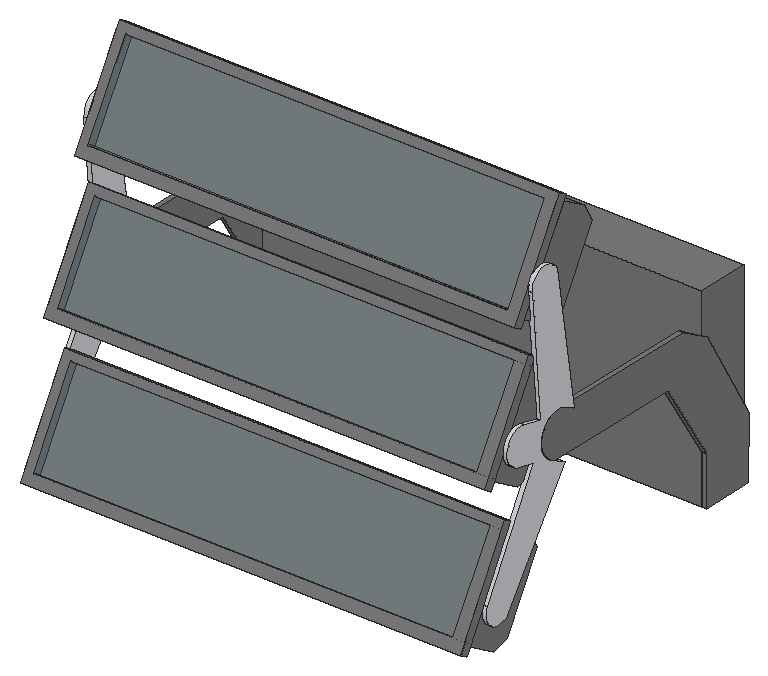
Revit family "Lighting-Proiezione-GEWISS-SPATIUMPRO3-PROIETTORI-LED_OTTICA-CIRCOLARE_3MODULI", category Apparecchi per illuminazione, host Superficie, Revit 2019
Family settings
  Host = Superficie
  Quota connettore circolare = Usa diametro
  Tipo di parte = Normale
  Taglio con vuoti quando caricato = No
  Sorgente d'illuminazione = Sì
  Condiviso = Sì
  Punto di calcolo locali = Sì
Parameters (values of type "GWP3333AF857 - SPATIUM PRO 3M CL.I C1 CRI 80 5700K")
  larghezza lampada = Lugnezza massima - 24 mm  # 50 mm
  Wattage = 9.2903 W
  Viti esterne = "Acciaio inossidabile"
  Visibilità etichetta [instance] = yes
  Visibilità simbolo [instance] = yes
  Visibilità lampada in pianta [instance] = yes
  Versioni = "Luce fredda 5700K"
  Versione file RFA = "21.9"
  Variazione temperatura colore lampada con luminosità attenuata = (empty or 0)
  Vano di alimentazione = "Esterno"
  URL = "https://www.gewiss.com/it/it"
  Tolleranza cromatica = "SDCM = 5"
  Tipologia sorgente luminosa = "LED - Non sostituibile"
  Tipo di installazione e montaggio = "Torrefaro - Parete"
  Tipo di apparecchio = "Proiettore LED ad alta potenza"
  Tensione di alimentazione = "Secondo driver esterno"
  Temperatura di esercizio = "-25 +50 °C"
  Temperatura di colore = "5700 K"
  built-in parameter 1150107 = 3200 (stored number, unit not read)
  Superficie massima esposta al vento : = "0,36 m²"
  Spostamento_x_effettivo [instance] = 4000 mm - Spostamento_x  # 4000 mm
  Spostamento_x [instance] = 0 mm
  Spostamento_y_effettivo [instance] = 4000 mm - Spostamento_y  # 4000 mm
  Spostamento_y [instance] = 0 mm
  SostituibilitÃ  piastra di cablaggio = "Si"
  SostituibilitÃ  gruppo ottico = "Non disponibile"
  Sistema di controllo = "Secondo driver esterno"
  Schermo = "Vetro piano extrachiaro spessore 4mm"
  Scheda Tecnica = "https://www.gewiss.com/it/it/search?q=GWP3333AF857"
  Resistenza agli urti = "IK08"
  ROTAZIONE [instance] = 45
  Potenza di sistema = "1200 W"
  Peso (kg): = "30 "
  built-in parameter 1150110 = 1 (stored number, unit not read)
  built-in parameter 1150109 = 1 (stored number, unit not read)
  built-in parameter 1114218 = 1 (stored number, unit not read)
  built-in parameter 1150112 = 1 (stored number, unit not read)
  POSIZIONE = 80000  # constant formula
  Ottica = "Circolare 40°"
  Norma di riferimento = "EN 60598-1; EN 60598-2-5; IEC/TR 62778; EN 62493"
  built-in parameter 1150142 = (empty or 0)
  built-in parameter 1150137 = (empty or 0)
  built-in parameter 1150132 = (empty or 0)
  Lumen output (lm) = "127000 "
  Lugnezza massima = 74 mm
  Default Elevation = 1219.2 mm
  Produttore = "GEWISS S.p.A."
  Modello = "GWP3333AF857"
  built-in parameter 1150105 = 109.82 (stored number, unit not read)
  built-in parameter 1150102 = (empty or 0)
  Indice di resa cromatica = "CRI 80"
  Inclinazione = "Rotazione su staffa con goniometro integrato"
  Immagine tipo = SPATIUMpro3.jpg
  built-in parameter 1150106 = 1.0982 (stored number, unit not read)
  IPEA = "GRANDI AREE = A+ // AREE VERDI = A"
  IDT = "5142984a-b3a2-4d0e-8cb9-9e4b26487db4"
  IDF = "46907d55-e74c-417a-b84a-736c4dd6485b"
  Guarnizioni = "silicone antinvecchiamento"
  Gruppo ottico = "lente T.I.R.Ex. in PMMA HT"
  Grado di protezione = "IP66"
  Garanzia = "5 anni"
  Frequenza nominale (Hz) = "Secondo driver esterno"
  Lumens = 1380 lm
  Fissaggio = "Staffa"
  Finitura colore = "Verniciato a polvere poliestere"
  Color Filter = 16777215
  File diagramma fotometrico = "generic"
  built-in parameter 1114217 = 1 (stored number, unit not read)
  built-in parameter 1150139 = (empty or 0)
  Failure rate alimentatore = "Secondo driver esterno"
  Emetti da lunghezza linea = 609.6 mm
  Efficienza luminosa (lm/W) = "106 "
  built-in parameter 1150104 = 13.8 (stored number, unit not read)
  Durata di vita = "L90B10(Tq25°C)>100.000h; L80B10(Tq25°C)>150.000h"
  Distanza dal host [instance] = 0 mm
  Dispositivo di protezione = "Secondo driver esterno"
  built-in parameter 1150115 = 1 (stored number, unit not read)
  built-in parameter 1150114 = 1 (stored number, unit not read)
  built-in parameter 1150113 = 1 (stored number, unit not read)
  Descrizione = "SPATIUM PRO 3M CL.I C1 CRI 80 5700K"
  Creato da GEWISS S.p.A. = ""
  Corpo = "Alluminio pressofuso"
  Controllo abbagliamento e luminanza = "ULOR = 0%"
  Contesto = "Illuminazione di grandi aree"
  built-in parameter 1150134 = 3
  built-in parameter 1150138 = (empty or 0)
  Colore = "Grigio grafite"
  Codice digitale univoco (Datamatrix) = "Attualmente non presente"
  Codice EAN = ""
  Classe isolamento = "I"
  Catalogo = "LIGHTING"
  Cablaggio = "Connettore stagno tra proiettore e gruppo alimentazione"
  COBie.Tagnumber = ""
  COBie.CreatedOn = ""
  COBie.CreatebBy = ""
  COBie.ComponentRegisterItemID = ""
  COBie.Component.TagNumber = ""
  COBie.Component.Space = ""
  COBie.Component.SerialNumber = ""
  COBie.Component.InstallationDate = ""
  COBie.Component.Description = ""
  COBie.Component.BarCode = ""
  Applicazione = "Interno / Esterno"
  Angolo inclinazione = 60.00°
  Alimentatore = "Da ordinare separatamente"
  built-in parameter 1150133 = 10 (stored number, unit not read)
Types (6, lengths in mm): name | Versioni | Temperatura di colore | Scheda Tecnica | Lumen output (lm) | Modello | Indice di resa cromatica | IPEA | IDT | Efficienza luminosa (lm/W) | Descrizione
  GWP3333AF730 - SPATIUM PRO 3M CL.I C1 CRI 70 3000K | "Luce calda 3000K" | "3000 K" | "https://www.gewiss.com/it/it/search?q=GWP3333AF730" | "138000 " | "GWP3333AF730" | "CRI70" | "GRANDI AREE = A++ // AREE VERDI = A+" | "1d343e0f-d5e5-46f4-be20-b1f8240fd04b" | "115 " | "SPATIUM PRO 3M CL.I C1 CRI 70 3000K"
  GWP3333AF740 - SPATIUM PRO 3M CL.I C1 CRI 70 4000K | "Luce naturale 4000K" | "4000 K" | "https://www.gewiss.com/it/it/search?q=GWP3333AF740" | "147000 " | "GWP3333AF740" | "CRI70" | "GRANDI AREE = A3+ // AREE VERDI = A+" | "c110e465-e70b-4374-9d98-6d15d4d28f6a" | "123 " | "SPATIUM PRO 3M CL.I C1 CRI 70 4000K"
  GWP3333AF757 - SPATIUM PRO 3M CL.I C1 CRI 70 5700K | "Luce fredda 5700K" | "5700 K" | "https://www.gewiss.com/it/it/search?q=GWP3333AF757" | "147000 " | "GWP3333AF757" | "CRI70" | "GRANDI AREE = A3+ // AREE VERDI = A+" | "060c0969-267b-4943-85ce-63df1444230b" | "123 " | "SPATIUM PRO 3M CL.I C1 CRI 70 5700K"
  GWP3333AF830 - SPATIUM PRO 3M CL.I C1 CRI 80 3000K | "Luce calda 3000K" | "3000 K" | "https://www.gewiss.com/it/it/search?q=GWP3333AF830" | "123000 " | "GWP3333AF830" | "CRI 80" | "GRANDI AREE = A // AREE VERDI = B" | "b5a5e69f-967e-4a5b-85ce-e676ff047695" | "103 " | "SPATIUM PRO 3M CL.I C1 CRI 80 3000K"
  GWP3333AF840 - SPATIUM PRO 3M CL.I C1 CRI 80 4000K | "Luce naturale 4000K" | "4000 K" | "https://www.gewiss.com/it/it/search?q=GWP3333AF840" | "127000 " | "GWP3333AF840" | "CRI 80" | "GRANDI AREE = A+ // AREE VERDI = A" | "a7a459e9-aeaf-40f8-af20-448164c4b100" | "106 " | "SPATIUM PRO 3M CL.I C1 CRI 80 4000K"
  GWP3333AF857 - SPATIUM PRO 3M CL.I C1 CRI 80 5700K | "Luce fredda 5700K" | "5700 K" | "https://www.gewiss.com/it/it/search?q=GWP3333AF857" | "127000 " | "GWP3333AF857" | "CRI 80" | "GRANDI AREE = A+ // AREE VERDI = A" | "5142984a-b3a2-4d0e-8cb9-9e4b26487db4" | "106 " | "SPATIUM PRO 3M CL.I C1 CRI 80 5700K"
Reference planes
  plane 1 "Centro (Fronte/Retro)": y = 0
  plane 2: z = 0
  plane 3 "Centro (Sinistra/Destra)": x = 0
  plane 4: x = -4000
  plane 5: x = 0
  plane 6: x = 0
  plane 7: y = -4000
  plane 8: y = 0
  plane 9 "a": through (0, -290.182, 34.975) normal (0, -0.7071, 0.7071)
  plane 10: through (-235.047, -128.222, 1219.2) normal (-0.9563, 0.2924, 0)
  plane 11: through (-40, -89.462, 1219.2) normal (0.1564, 0.9877, 0)
  plane 12: through (239.503, 190.64, 1219.2) normal (0.9563, -0.2924, 0)
Dimensions and locks
  plane 4 to plane 3 "Centro (Sinistra/Destra)" = 4000 mm  (x2)
  "Spostamento_x_effettivo": plane 4 to plane 5
  "Spostamento_x_effettivo": plane 6 to plane 4
  "Spostamento_y_effettivo": plane 8 to plane 7
  plane 1 "Centro (Fronte/Retro)" to plane 7 = 4000 mm
  angle plane 11 to plane 12 = 82.00°  (x2)
  angle plane 10 to plane 11 = 98.00°
  aligned and locked: plane 2 to host face
  aligned and locked: level to host face
  aligned and locked: plane 6 to nested 1
  aligned and locked: nested 1 to plane 8
  aligned and locked: plane 8 to nested 2
  aligned and locked: imposter light to nested 2
Automatic sketch dimensions
  host sketch curve to host sketch curve = 2438.4 mm  (x2)
Nested families
  nested 1: "Etichetta light" at (0, 0, 0), visible <- "Visibilità etichetta", type "Etichetta light"
  nested 2: "STADIUM PRO 3_led" at (0, -90, 0), type "STADIUM PRO 3_led"
Definition of nested family "STADIUM PRO 3_led"
  Parameters (values of type "STADIUM PRO 3_led")
    led = none
    l_proiettore = 772 mm
    h_lampada = 58 mm
    Finitura struttura = none
  Reference planes
    plane 1 "Centro (Fronte/Retro)": y = 0
    plane 2: z = 0
    plane 3 "Centro (Sinistra/Destra)": x = 0
    plane 4: x = 386
    plane 5: x = 378
    plane 6: x = -386
    plane 7: x = -378
    plane 8: y = 90
  Forms (mm)
    Extrusion 1, solid, material <- "Finitura struttura"
      sketch origin (0, 0, 0) x (0, 1, 0) y (0, 0, -1)
        loop
          arc (-316.352, -217.267) -> (-353.722, -254.637) -> (-316.352, -292.007) r 37.37
          line (-316.352, -292.007) -> (-48.852, -292.007) -> (0, -263.802) -> (90, -107.918) -> (90, 0) -> (0, 0) -> (0, -85) -> (-82.649, -217.267) -> (-316.352, -217.267)
      from 378 to 386
    Extrusion 2, solid, material <- "Finitura struttura"
      sketch origin (0, 0, 0) x (1, 0, 0) y (0, 1, 0)
        loop
          line (378, 0) -> (378, 90) -> (-378, 90) -> (-378, 0) -> (378, 0)
      from 0 to 333
    Extrusion 3, solid, material <- "Finitura struttura"
      sketch origin (0, 0, 0) x (0, 1, 0) y (0, 0, 1)
        loop
          line (-316.352, 217.267) -> (-82.649, 217.267) -> (0, 85) -> (0, 0) -> (90, 0) -> (90, 107.918) -> (0, 263.802) -> (-48.852, 292.007) -> (-316.352, 292.007)
          arc (-316.352, 292.007) -> (-353.722, 254.637) -> (-316.352, 217.267) r 37.37
      from 378 to 386
    Extrusion 4, solid, material <- "led"
      sketch origin (0, 1268.525, -1383.744) x (0, 0.866025, -0.5) y (0, 0.5, 0.866025)
        loop
          line (-2238.14, 322.274) -> (-2223.14, 322.274) -> (-2223.14, 482.274) -> (-2238.14, 482.274) -> (-2238.14, 322.274)
      from -378 to 378
    Extrusion 5, solid, material <- "Finitura struttura"
      sketch origin (0, 1262.235, -1379.076) x (0, 0.866025, -0.5) y (0, 0.5, 0.866025)
        loop
          line (-2215.359, 316.368) -> (-2156.261, 316.368) -> (-2135.048, 337.581) -> (-2135.048, 467.581) -> (-2165.359, 485.081) -> (-2215.359, 485.081) -> (-2215.359, 316.368)
      from -378 to 378
    Extrusion 6, solid, material <- "Finitura struttura"
      sketch origin (0, -28.39, -231.475) x (1, 0, 0) y (0, 0.5, 0.866025)
        loop
          line (-378, 146.542) -> (-378, -45.315) -> (378, -45.315) -> (378, 146.542) -> (-378, 146.542)
        loop
          line (-362.033, 132.837) -> (-362.033, -27.163) -> (357.967, -27.163) -> (357.967, 132.837) -> (-362.033, 132.837)
      from 523.844 to 538.844
    Extrusion 7, solid, material <- "Finitura struttura", not visible
      sketch origin (0, 1866.103, -348.539) x (0, 1, 0) y (0, 0, 1)
        loop
          line (-2215.359, 316.368) -> (-2156.261, 316.368) -> (-2135.048, 337.581) -> (-2135.048, 467.581) -> (-2165.359, 485.081) -> (-2215.359, 485.081) -> (-2215.359, 316.368)
      from -378 to 378
    Extrusion 8, solid, material <- "Finitura struttura", not visible
      sketch origin (0, 0, 0) x (1, 0, 0) y (0, 0, 1)
        loop
          line (-378, 146.542) -> (-378, -45.315) -> (378, -45.315) -> (378, 146.542) -> (-378, 146.542)
        loop
          line (-362.033, 132.837) -> (-362.033, -27.163) -> (357.967, -27.163) -> (357.967, 132.837) -> (-362.033, 132.837)
      from 349.256 to 364.256
    Extrusion 9, solid, material <- "Finitura struttura"
      sketch origin (0, 1313.7, -1147.467) x (0, 0.866025, -0.5) y (0, 0.5, 0.866025)
        loop
          line (-2215.359, 316.368) -> (-2156.261, 316.368) -> (-2135.048, 337.581) -> (-2135.048, 467.581) -> (-2165.359, 485.081) -> (-2215.359, 485.081) -> (-2215.359, 316.368)
      from -378 to 378
    Extrusion 10, solid, material <- "Finitura struttura"
      sketch origin (0, -128.124, 87.428) x (1, 0, 0) y (0, 0.5, 0.866025)
        loop
          line (-378, 146.542) -> (-378, -45.315) -> (378, -45.315) -> (378, 146.542) -> (-378, 146.542)
        loop
          line (-362.033, 132.837) -> (-362.033, -27.163) -> (357.967, -27.163) -> (357.967, 132.837) -> (-362.033, 132.837)
      from 349.256 to 364.256
    Extrusion 11, solid, material <- "Finitura struttura"
      sketch origin (0, 1379.031, -926.749) x (0, 0.866025, -0.5) y (0, 0.5, 0.866025)
        loop
          line (-2215.359, 316.368) -> (-2156.261, 316.368) -> (-2135.048, 337.581) -> (-2135.048, 467.581) -> (-2165.359, 485.081) -> (-2215.359, 485.081) -> (-2215.359, 316.368)
      from -378 to 378
    Extrusion 12, solid, material <- "Finitura struttura"
      sketch origin (0, -62.793, 308.146) x (1, 0, 0) y (0, 0.5, 0.866025)
        loop
          line (-378, 146.542) -> (-378, -45.315) -> (378, -45.315) -> (378, 146.542) -> (-378, 146.542)
        loop
          line (-362.033, 132.837) -> (-362.033, -27.163) -> (357.967, -27.163) -> (357.967, 132.837) -> (-362.033, 132.837)
      from 349.256 to 364.256
    Extrusion 13, solid, material <- "led", not visible
      sketch origin (0, 1873.885, -376.937) x (0, 1, 0) y (0, 0, 1)
        loop
          line (-2238.14, 322.274) -> (-2223.14, 322.274) -> (-2223.14, 482.274) -> (-2238.14, 482.274) -> (-2238.14, 322.274)
      from -378 to 378
    Extrusion 14, solid, material <- "Finitura struttura", not visible
      sketch origin (0, 1866.103, -376.039) x (0, 1, 0) y (0, 0, 1)
        loop
          line (-2215.359, 316.368) -> (-2156.261, 316.368) -> (-2135.048, 337.581) -> (-2135.048, 467.581) -> (-2165.359, 485.081) -> (-2215.359, 485.081) -> (-2215.359, 316.368)
      from -378 to 378
    Extrusion 15, solid, material <- "Finitura struttura", not visible
      sketch origin (0, 0, -27.5) x (1, 0, 0) y (0, 0, 1)
        loop
          line (-378, 146.542) -> (-378, -45.315) -> (378, -45.315) -> (378, 146.542) -> (-378, 146.542)
        loop
          line (-362.033, 132.837) -> (-362.033, -27.163) -> (357.967, -27.163) -> (357.967, 132.837) -> (-362.033, 132.837)
      from 349.256 to 364.256
    Extrusion 16, solid, material <- "Finitura struttura", not visible
      sketch origin (0, 1794.869, -149.727) x (0, 1, 0) y (0, 0, 1)
        loop
          line (-2215.359, 316.368) -> (-2156.261, 316.368) -> (-2135.048, 337.581) -> (-2135.048, 467.581) -> (-2165.359, 485.081) -> (-2215.359, 485.081) -> (-2215.359, 316.368)
      from -378 to 378
    Extrusion 17, solid, material <- "Finitura struttura", not visible
      sketch origin (0, -71.234, 198.812) x (1, 0, 0) y (0, 0, 1)
        loop
          line (-378, 146.542) -> (-378, -45.315) -> (378, -45.315) -> (378, 146.542) -> (-378, 146.542)
        loop
          line (-362.033, 132.837) -> (-362.033, -27.163) -> (357.967, -27.163) -> (357.967, 132.837) -> (-362.033, 132.837)
      from 349.256 to 364.256
    Extrusion 18, solid, material <- "Finitura struttura", not visible
      sketch origin (0, 1741.088, 74.086) x (0, 1, 0) y (0, 0, 1)
        loop
          line (-2215.359, 316.368) -> (-2156.261, 316.368) -> (-2135.048, 337.581) -> (-2135.048, 467.581) -> (-2165.359, 485.081) -> (-2215.359, 485.081) -> (-2215.359, 316.368)
      from -378 to 378
    Extrusion 19, solid, material <- "Finitura struttura", not visible
      sketch origin (0, -125.015, 422.625) x (1, 0, 0) y (0, 0, 1)
        loop
          line (-378, 146.542) -> (-378, -45.315) -> (378, -45.315) -> (378, 146.542) -> (-378, 146.542)
        loop
          line (-362.033, 132.837) -> (-362.033, -27.163) -> (357.967, -27.163) -> (357.967, 132.837) -> (-362.033, 132.837)
      from 349.256 to 364.256
    Extrusion 20, solid, material <- "led", not visible
      sketch origin (0, 1268.525, -1383.744) x (0, 0.866025, -0.5) y (0, 0.5, 0.866025)
        loop
          line (-2238.14, 322.274) -> (-2223.14, 322.274) -> (-2223.14, 482.274) -> (-2238.14, 482.274) -> (-2238.14, 322.274)
      from -378 to 378
    Extrusion 21, solid, material <- "Finitura struttura", not visible
      sketch origin (0, 1262.235, -1379.076) x (0, 0.866025, -0.5) y (0, 0.5, 0.866025)
        loop
          line (-2215.359, 316.368) -> (-2156.261, 316.368) -> (-2135.048, 337.581) -> (-2135.048, 467.581) -> (-2165.359, 485.081) -> (-2215.359, 485.081) -> (-2215.359, 316.368)
      from -378 to 378
    Extrusion 22, solid, material <- "Finitura struttura", not visible
      sketch origin (0, -28.39, -231.475) x (1, 0, 0) y (0, 0.5, 0.866025)
        loop
          line (-378, 146.542) -> (-378, -45.315) -> (378, -45.315) -> (378, 146.542) -> (-378, 146.542)
        loop
          line (-362.033, 132.837) -> (-362.033, -27.163) -> (357.967, -27.163) -> (357.967, 132.837) -> (-362.033, 132.837)
      from 523.844 to 538.844
    Extrusion 23, solid, material <- "Finitura struttura", not visible
      sketch origin (0, 1379.031, -926.749) x (0, 0.866025, -0.5) y (0, 0.5, 0.866025)
        loop
          line (-2215.359, 316.368) -> (-2156.261, 316.368) -> (-2135.048, 337.581) -> (-2135.048, 467.581) -> (-2165.359, 485.081) -> (-2215.359, 485.081) -> (-2215.359, 316.368)
      from -378 to 378
    Extrusion 24, solid, material <- "Finitura struttura", not visible
      sketch origin (0, -62.793, 308.146) x (1, 0, 0) y (0, 0.5, 0.866025)
        loop
          line (-378, 146.542) -> (-378, -45.315) -> (378, -45.315) -> (378, 146.542) -> (-378, 146.542)
        loop
          line (-362.033, 132.837) -> (-362.033, -27.163) -> (357.967, -27.163) -> (357.967, 132.837) -> (-362.033, 132.837)
      from 349.256 to 364.256
    Extrusion 25, solid, material <- "led"
      sketch origin (0, 1319.99, -1152.136) x (0, 0.866025, -0.5) y (0, 0.5, 0.866025)
        loop
          line (-2238.14, 322.274) -> (-2223.14, 322.274) -> (-2223.14, 482.274) -> (-2238.14, 482.274) -> (-2238.14, 322.274)
      from -378 to 378
    Extrusion 26, solid, material <- "led"
      sketch origin (0, 1386.433, -929.491) x (0, 0.866025, -0.5) y (0, 0.5, 0.866025)
        loop
          line (-2238.14, 322.274) -> (-2223.14, 322.274) -> (-2223.14, 482.274) -> (-2238.14, 482.274) -> (-2238.14, 322.274)
      from -378 to 378
  Dimensions and locks
    locked: plane 5 to plane 4 at 8
    equal spacing: plane 6, plane 3 "Centro (Sinistra/Destra)", plane 4
    "l_proiettore": plane 6 to plane 4
    locked: plane 6 to plane 7 at 8
    locked: plane 1 "Centro (Fronte/Retro)" to plane 8 at 90
    plane 6 to plane 7 = 8 mm
    aligned and locked: level to plane 2
    aligned and locked: Extrusion 1 to plane 7
    aligned and locked: plane 6 to Extrusion 1
    aligned and locked: Extrusion 2 sketch curve to plane 7
    aligned and locked: Extrusion 2 sketch curve to plane 5
    aligned and locked: plane 1 "Centro (Fronte/Retro)" to Extrusion 2
    aligned and locked: plane 8 to Extrusion 2
    aligned and locked: Extrusion 3 to plane 4
    aligned and locked: plane 5 to Extrusion 3
    aligned and locked: plane 4 to nested 1
    aligned and locked: plane 7 to Extrusion 4
    aligned and locked: Extrusion 4 to plane 5
    aligned and locked: Extrusion 5 to Extrusion 1
    aligned and locked: Extrusion 5 to plane 5
    aligned and locked: Extrusion 6 to Extrusion 4  (x2)
    aligned and locked: Extrusion 4 sketch curve to Extrusion 6  (x2)
    aligned and locked: Extrusion 13 sketch curve to Extrusion 15  (x2)
    aligned and locked: Extrusion 20 sketch curve to Extrusion 22  (x2)
  Automatic sketch dimensions
    Extrusion 7 sketch curve to Extrusion 7 sketch curve = 21.213 mm  (x2)
    Extrusion 7 sketch curve to Extrusion 7 sketch curve = 17.5 mm
    Extrusion 8 sketch curve to Extrusion 8 sketch curve = 18.152 mm
    Extrusion 8 sketch curve to Extrusion 8 sketch curve = 13.704 mm
    Extrusion 7 sketch curve to Extrusion 7 sketch curve = 50 mm
    Extrusion 7 sketch curve to Extrusion 7 sketch curve = 59.098 mm
    Extrusion 7 sketch curve to Extrusion 7 sketch curve = 130 mm
    Extrusion 8 sketch curve to Extrusion 8 sketch curve = 15.967 mm
    Extrusion 8 sketch curve to Extrusion 8 sketch curve = 720 mm
    Extrusion 8 sketch curve to Extrusion 8 sketch curve = 20.033 mm
    Extrusion 8 sketch curve to Extrusion 8 sketch curve = 160 mm
    Extrusion 14 sketch curve to Extrusion 14 sketch curve = 21.213 mm  (x2)
    Extrusion 14 sketch curve to Extrusion 14 sketch curve = 17.5 mm
    Extrusion 15 sketch curve to Extrusion 15 sketch curve = 18.152 mm
    Extrusion 15 sketch curve to Extrusion 15 sketch curve = 13.704 mm
    Extrusion 14 sketch curve to Extrusion 14 sketch curve = 50 mm
    Extrusion 14 sketch curve to Extrusion 14 sketch curve = 59.098 mm
    Extrusion 14 sketch curve to Extrusion 14 sketch curve = 130 mm
    Extrusion 15 sketch curve to Extrusion 15 sketch curve = 15.967 mm
    Extrusion 15 sketch curve to Extrusion 15 sketch curve = 720 mm
    Extrusion 15 sketch curve to Extrusion 15 sketch curve = 20.033 mm
    Extrusion 15 sketch curve to Extrusion 15 sketch curve = 160 mm
    Extrusion 16 sketch curve to Extrusion 16 sketch curve = 21.213 mm  (x2)
    Extrusion 16 sketch curve to Extrusion 16 sketch curve = 17.5 mm
    Extrusion 17 sketch curve to Extrusion 17 sketch curve = 18.152 mm
    Extrusion 17 sketch curve to Extrusion 17 sketch curve = 13.704 mm
    Extrusion 16 sketch curve to Extrusion 16 sketch curve = 50 mm
    Extrusion 16 sketch curve to Extrusion 16 sketch curve = 59.098 mm
    Extrusion 16 sketch curve to Extrusion 16 sketch curve = 130 mm
    Extrusion 17 sketch curve to Extrusion 17 sketch curve = 15.967 mm
    Extrusion 17 sketch curve to Extrusion 17 sketch curve = 720 mm
    Extrusion 17 sketch curve to Extrusion 17 sketch curve = 20.033 mm
    Extrusion 17 sketch curve to Extrusion 17 sketch curve = 160 mm
    Extrusion 18 sketch curve to Extrusion 18 sketch curve = 21.213 mm  (x2)
    Extrusion 18 sketch curve to Extrusion 18 sketch curve = 17.5 mm
    Extrusion 19 sketch curve to Extrusion 19 sketch curve = 18.152 mm
    Extrusion 19 sketch curve to Extrusion 19 sketch curve = 13.704 mm
    Extrusion 18 sketch curve to Extrusion 18 sketch curve = 50 mm
    Extrusion 18 sketch curve to Extrusion 18 sketch curve = 59.098 mm
    Extrusion 18 sketch curve to Extrusion 18 sketch curve = 130 mm
    Extrusion 19 sketch curve to Extrusion 19 sketch curve = 15.967 mm
    Extrusion 19 sketch curve to Extrusion 19 sketch curve = 720 mm
    Extrusion 19 sketch curve to Extrusion 19 sketch curve = 20.033 mm
    Extrusion 19 sketch curve to Extrusion 19 sketch curve = 160 mm
    Extrusion 13 sketch curve to Extrusion 13 sketch curve = 15 mm
    Extrusion 21 sketch curve to Extrusion 21 sketch curve = 21.213 mm  (x2)
    Extrusion 21 sketch curve to Extrusion 21 sketch curve = 17.5 mm
    Extrusion 22 sketch curve to Extrusion 22 sketch curve = 18.152 mm
    Extrusion 22 sketch curve to Extrusion 22 sketch curve = 13.704 mm
    Extrusion 21 sketch curve to Extrusion 21 sketch curve = 50 mm
    Extrusion 21 sketch curve to Extrusion 21 sketch curve = 59.098 mm
    Extrusion 21 sketch curve to Extrusion 21 sketch curve = 130 mm
    Extrusion 22 sketch curve to Extrusion 22 sketch curve = 15.967 mm
    Extrusion 22 sketch curve to Extrusion 22 sketch curve = 720 mm
    Extrusion 22 sketch curve to Extrusion 22 sketch curve = 20.033 mm
    Extrusion 22 sketch curve to Extrusion 22 sketch curve = 160 mm
    Extrusion 23 sketch curve to Extrusion 23 sketch curve = 21.213 mm  (x2)
    Extrusion 23 sketch curve to Extrusion 23 sketch curve = 17.5 mm
    Extrusion 24 sketch curve to Extrusion 24 sketch curve = 18.152 mm
    Extrusion 24 sketch curve to Extrusion 24 sketch curve = 13.704 mm
    Extrusion 23 sketch curve to Extrusion 23 sketch curve = 50 mm
    Extrusion 23 sketch curve to Extrusion 23 sketch curve = 59.098 mm
    Extrusion 23 sketch curve to Extrusion 23 sketch curve = 130 mm
    Extrusion 24 sketch curve to Extrusion 24 sketch curve = 15.967 mm
    Extrusion 24 sketch curve to Extrusion 24 sketch curve = 720 mm
    Extrusion 24 sketch curve to Extrusion 24 sketch curve = 20.033 mm
    Extrusion 24 sketch curve to Extrusion 24 sketch curve = 160 mm
    Extrusion 20 sketch curve to Extrusion 20 sketch curve = 15 mm
    Extrusion 1 sketch curve to plane 1 "Centro (Fronte/Retro)" = 0 mm  (x2)
    Extrusion 1 sketch curve to level = 0 mm
    Extrusion 1 sketch curve to plane 8 = 0 mm
    plane 1 "Centro (Fronte/Retro)" to Extrusion 1 sketch curve = 48.852 mm
    Extrusion 1 sketch curve to Extrusion 1 sketch curve = 33.798 mm
    Extrusion 1 sketch curve to Extrusion 1 sketch curve = 233.702 mm
    level to Extrusion 1 sketch curve = 85 mm
    Extrusion 1 sketch curve to Extrusion 1 sketch curve = 22.918 mm
    Extrusion 1 sketch curve to Extrusion 1 sketch curve = 132.267 mm
    Extrusion 1 sketch curve to Extrusion 1 sketch curve = 37.37 mm
    Extrusion 1 sketch curve to Extrusion 1 sketch curve = 28.204 mm
    plane 1 "Centro (Fronte/Retro)" to Extrusion 2 sketch curve = 0 mm
    Extrusion 2 sketch curve to plane 8 = 0 mm
    Extrusion 3 sketch curve to plane 1 "Centro (Fronte/Retro)" = 0 mm  (x2)
    Extrusion 3 sketch curve to level = 0 mm
    Extrusion 3 sketch curve to plane 8 = 0 mm
    plane 1 "Centro (Fronte/Retro)" to Extrusion 3 sketch curve = 48.852 mm
    Extrusion 3 sketch curve to Extrusion 3 sketch curve = 33.798 mm
    Extrusion 3 sketch curve to Extrusion 3 sketch curve = 233.702 mm
    level to Extrusion 3 sketch curve = 85 mm
    Extrusion 3 sketch curve to Extrusion 3 sketch curve = 22.918 mm
    level to Extrusion 3 sketch curve = 217.267 mm
    Extrusion 3 sketch curve to Extrusion 3 sketch curve = 37.37 mm
    Extrusion 3 sketch curve to Extrusion 3 sketch curve = 28.204 mm
    level to Extrusion 4 sketch curve = 152.988 mm
    Extrusion 4 sketch curve to Extrusion 4 sketch curve = 15 mm
    level to Extrusion 5 sketch curve = 2.586 mm
    plane 1 "Centro (Fronte/Retro)" to Extrusion 5 sketch curve = 498.139 mm
    Extrusion 5 sketch curve to Extrusion 5 sketch curve = 50 mm
    Extrusion 5 sketch curve to Extrusion 5 sketch curve = 59.098 mm
    Extrusion 5 sketch curve to Extrusion 5 sketch curve = 21.213 mm  (x2)
    Extrusion 5 sketch curve to Extrusion 5 sketch curve = 130 mm
    Extrusion 5 sketch curve to Extrusion 5 sketch curve = 17.5 mm
    Extrusion 6 sketch curve to plane 7 = 0 mm
    Extrusion 6 sketch curve to plane 5 = 0 mm
    Extrusion 6 sketch curve to plane 7 = 15.967 mm
    plane 5 to Extrusion 6 sketch curve = 20.033 mm
    Extrusion 6 sketch curve to Extrusion 6 sketch curve = 18.152 mm
    Extrusion 6 sketch curve to Extrusion 6 sketch curve = 160 mm
    Extrusion 6 sketch curve to Extrusion 6 sketch curve = 13.704 mm
    level to Extrusion 9 sketch curve = 234.195 mm
    plane 1 "Centro (Fronte/Retro)" to Extrusion 9 sketch curve = 446.674 mm
    Extrusion 9 sketch curve to Extrusion 9 sketch curve = 50 mm
    Extrusion 9 sketch curve to Extrusion 9 sketch curve = 59.098 mm
    Extrusion 9 sketch curve to Extrusion 9 sketch curve = 21.213 mm  (x2)
    Extrusion 9 sketch curve to Extrusion 9 sketch curve = 130 mm
    Extrusion 9 sketch curve to Extrusion 9 sketch curve = 17.5 mm
    Extrusion 10 sketch curve to plane 7 = 0 mm
    Extrusion 10 sketch curve to plane 5 = 0 mm
    Extrusion 10 sketch curve to plane 7 = 15.967 mm
    plane 5 to Extrusion 10 sketch curve = 20.033 mm
    Extrusion 10 sketch curve to Extrusion 10 sketch curve = 18.152 mm
    Extrusion 10 sketch curve to Extrusion 10 sketch curve = 160 mm
    Extrusion 10 sketch curve to Extrusion 10 sketch curve = 13.704 mm
    plane 1 "Centro (Fronte/Retro)" to Extrusion 11 sketch curve = 381.342 mm
    level to Extrusion 11 sketch curve = 454.913 mm
    Extrusion 11 sketch curve to Extrusion 11 sketch curve = 50 mm
    Extrusion 11 sketch curve to Extrusion 11 sketch curve = 59.098 mm
    Extrusion 11 sketch curve to Extrusion 11 sketch curve = 21.213 mm  (x2)
    Extrusion 11 sketch curve to Extrusion 11 sketch curve = 130 mm
    Extrusion 11 sketch curve to Extrusion 11 sketch curve = 17.5 mm
    Extrusion 12 sketch curve to plane 7 = 0 mm
    Extrusion 12 sketch curve to plane 5 = 0 mm
    Extrusion 12 sketch curve to plane 7 = 15.967 mm
    plane 5 to Extrusion 12 sketch curve = 20.033 mm
    Extrusion 12 sketch curve to Extrusion 12 sketch curve = 18.152 mm
    Extrusion 12 sketch curve to Extrusion 12 sketch curve = 160 mm
    Extrusion 12 sketch curve to Extrusion 12 sketch curve = 13.704 mm
    plane 1 "Centro (Fronte/Retro)" to Extrusion 25 sketch curve = 377.16 mm
    level to Extrusion 25 sketch curve = 384.596 mm
    Extrusion 25 sketch curve to Extrusion 25 sketch curve = 15 mm
    Extrusion 25 sketch curve to Extrusion 25 sketch curve = 160 mm
    plane 1 "Centro (Fronte/Retro)" to Extrusion 26 sketch curve = 310.717 mm
    level to Extrusion 26 sketch curve = 607.241 mm
    Extrusion 26 sketch curve to Extrusion 26 sketch curve = 15 mm
    Extrusion 26 sketch curve to Extrusion 26 sketch curve = 160 mm
  Nested families
    nested 1: "STADIUM PRO 3_led_griglia" at (386, -353.722, -71.791) x (-1, 0, 0) z (0, 0, 1), type "STADIUM PRO 3_led_griglia"
    nested 2: "STADIUM PRO 3_led_griglia" at (-386, -351.222, -72.839), type "STADIUM PRO 3_led_griglia"
    nested 3: "STADIUM PRO 3_led_griglia" at (386, -353.722, -89.291) x (-1, 0, 0) z (0, 0, 1), type "STADIUM PRO 3_led_griglia", not visible
  Definition of nested family "STADIUM PRO 3_led_griglia"
    Parameters (values of type "STADIUM PRO 3_led_griglia")
      led = none
      l_proiettore = 772 mm
      h_lampada = 58 mm
      Finitura struttura = none
    Reference planes
      plane 1 "Centro (Fronte/Retro)": y = 0
      plane 2: z = 0
      plane 3 "Centro (Sinistra/Destra)": x = 0
      plane 4: z = 254.637
      plane 5: x = 8
      plane 6: y = -1611.166
    Forms (mm)
      Extrusion 1, solid
        sketch origin (0, -347.045, 155.161) x (0, -0.87462, -0.48481) y (0, 0.48481, -0.87462)
          loop
            line (-481.926, -221.779) -> (-337.46, -36.872) -> (-356.574, -36.872)
            arc (-356.574, -36.872) -> (-393.653, 0.207) -> (-356.574, 37.286) r 37.079
            line (-356.574, 37.286) -> (-319.987, 37.286) -> (-338.868, 253.098)
            arc (-338.868, 253.098) -> (-366.835, 274.557) -> (-390.65, 248.568) r 26.089
            line (-390.65, 248.568) -> (-390.65, 46.034) -> (-424.457, 55.092)
            arc (-424.457, 55.092) -> (-462.1, 33.359) -> (-440.367, -4.284) r 30.735
            line (-440.367, -4.284) -> (-405.737, -13.563) -> (-520.298, -183.407)
            arc (-520.298, -183.407) -> (-516.928, -218.409) -> (-481.926, -221.779) r 27.641
        from 0 to 8
    Dimensions and locks
      plane 3 "Centro (Sinistra/Destra)" to plane 5 = 8 mm
      aligned and locked: level to plane 2
Definition of nested family "Etichetta light"
  Parameters (values of type "ETICHETTA LIGHT")
    COMMENTI = "330W"
  Reference planes
    plane 1: y = 0
    plane 2: x = 0
  Text (mm)
    label "COMMENTI" at (-0.057, 0.105, 0), shows "COMMENTI"
